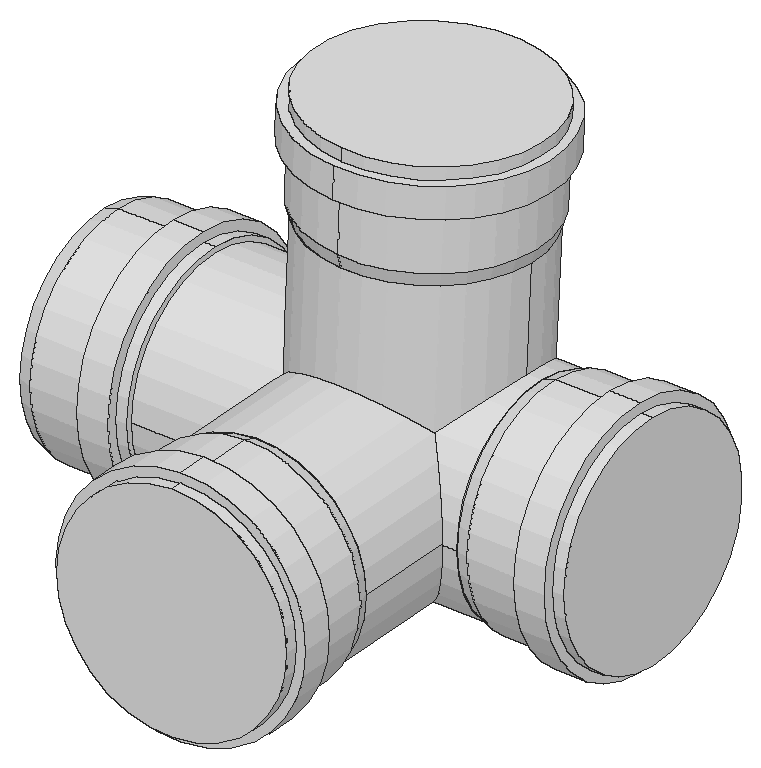
Revit family "Redi_Фитинг_ПВХ_Крестовина_Двухплоскостная", category Соединительные детали трубопроводов, Revit 2019
Family settings
  Размер круглого соединителя = Использовать диаметр
  Тип детали = Крестовина
  На основе рабочей плоскости = Нет
  Всегда вертикально = Да
  При загрузке вырезать с полостями = Нет
  Общий = Нет
Parameters (values of type "Redi")
  Угол [instance] = 87.30°
  Типовой = no
  Поиск в таблице имен = "Redi_Фитинг_ПВХ_Крестовина_Двухплоскостная"
  Description = ""
  Материал = 05 Пластик ПВХ Белый
  Длина 1 [instance] = 60 mm
  Длина 2 [instance] = 62 mm
  z3 [instance] = size_lookup(Поиск в таблице имен, "z3", 100 mm, ADSK_Диаметр условный, Диаметр условный 1, Диаметр условный 2, ADSK_Угол)  # 95 mm
  z21 [instance] = size_lookup(Поиск в таблице имен, "z21", 100.0 mm, ADSK_Диаметр условный, Диаметр условный 1, Диаметр условный 2, ADSK_Угол)  # 160.0 mm
  z20 [instance] = size_lookup(Поиск в таблице имен, "z20", 100.0 mm, ADSK_Диаметр условный, Диаметр условный 1, Диаметр условный 2, ADSK_Угол)  # 160.0 mm
  z1 [instance] = size_lookup(Поиск в таблице имен, "z1", 100 mm, ADSK_Диаметр условный, Диаметр условный 1, Диаметр условный 2, ADSK_Угол)  # 150 mm
  a2 [instance] = z21 * cos(Угол) + z1  # 157.537 mm
  a1 [instance] = z20 * cos(Угол) + z1  # 157.537 mm
  L2 [instance] = z21 * sin(Угол)  # 159.822 mm
  L1 [instance] = z20 * sin(Угол)  # 159.822 mm
  Диаметр условный 1 [instance] = 160 mm
  Диаметр условный 2 [instance] = 160 mm
  ADSK_Угол [instance] = if(Угол < 55.00°, 45.00°, if(Угол < 75.00°, 67.30°, 87.30°))  # 87.30°
  ADSK_Наименование краткое = "Кр."  # constant formula
  ADSK_Наименование [instance] = size_lookup(Поиск в таблице имен, "ADSK_Наименование", "Решение не найдено", ADSK_Диаметр условный, Диаметр условный 1, Диаметр условный 2, ADSK_Угол)  # "Крестовина двухплоскостная DN160x160x160 87.3°"
  ADSK_Масса_Текст [instance] = ""
  ADSK_Марка [instance] = ""
  ADSK_Код изделия [instance] = size_lookup(Поиск в таблице имен, "ADSK_Код изделия", "Решение не найдено", ADSK_Диаметр условный, Диаметр условный 1, Диаметр условный 2, ADSK_Угол)  # "13816"
  ADSK_Завод-изготовитель [instance] = "Redi"  # constant formula
  ADSK_Единица измерения = "шт"  # constant formula
  ADSK_Диаметр условный [instance] = 160 mm
Reference planes
  plane 1 "По центру (Вперед/Назад)": y = 0
  plane 2: z = 0
  plane 3 "По центру (Влево/Вправо)": x = 0
  plane 4: x = -150
  plane 5: x = 95
  plane 6: y = -159.822
  plane 7: x = 7.537
  plane 8: x = 7.537
  plane 9: z = 159.822
Forms (mm)
  Sweep 1, solid, material "05 Пластик ПВХ Белый" <- "Материал", detail levels fine
    path origin (-57, 0, 0) x (-1, 0, 0) y (0, -1, 0)
      loop
        line (93, 0) -> (-152, 0)
    profile origin (-27.5, 0, 0) x (0, 1, 0) y (0, 0, 1)
      loop
        circle (0, 0) r 80
  Sweep 2, solid, material "05 Пластик ПВХ Белый" <- "Материал", detail levels fine
    path in 3D
      loop
        line (0, 0, 0) -> (7.537, -159.822, 0)
    profile origin (3.769, -79.911, 0) x (0.99889, 0.047106, 0) y (0, 0, 1)
      loop
        circle (0, 0) r 80
  Sweep 3, solid, material "05 Пластик ПВХ Белый" <- "Материал", detail levels fine
    path in 3D
      loop
        line (0, 0, 0) -> (7.537, 0, 159.822)
    profile origin (3.769, 0, 79.911) x (-0.99889, 0, 0.047106) y (0, -1, 0)
      loop
        circle (0, 0) r 80
  Sweep 4, solid, not visible, detail levels fine
    path origin (-57, 0, 0) x (-1, 0, 0) y (0, -1, 0)
      loop
        line (-57, 0) -> (-57, 5)
    profile origin (0, -2.5, 0) x (1, 0, 0) y (0, 0, 1)
      loop
        circle (0, 0) r 2
Lines and regions (mm)
  model lines, detail levels coarse+medium
    curve 1: line (-150, 0, 0) -> (17.091, 0, 0)
    curve 2: line (-150, 80, 0) -> (-150, -80, 0)
    curve 3: line (17.091, 80, 0) -> (17.091, -80, 0)
    curve 4: line (0, 0, 0) -> (7.537, -159.822, 0)
    curve 5: line (0, 0, 0) -> (7.537, 0, 159.822)
    curve 6: line (-72.374, 0, 163.591) -> (87.448, 0, 156.054)
    curve 9: line (87.448, -156.054, 0) -> (-72.374, -163.591, 0)
  sketch lines
    curve 7: line (0, 0, 0) -> (7.537, -159.822, 0)
    curve 8: line (0, 0, 0) -> (7.537, 0, 159.822)
Dimensions and locks
  "z1": plane 4 to plane 3 "По центру (Влево/Вправо)"
  "z3": plane 3 "По центру (Влево/Вправо)" to plane 5
  equal spacing: curve 2, plane 1 "По центру (Вперед/Назад)", curve 2
  "ADSK_Диаметр условный": curve 2 to curve 2
  equal spacing: curve 3, plane 1 "По центру (Вперед/Назад)", curve 3
  "ADSK_Диаметр условный": curve 3 to curve 3
  "a1": plane 4 to plane 7
  "L1": plane 6 to plane 1 "По центру (Вперед/Назад)"
  "L2": plane 9 to level
  "a2": plane 8 to plane 4
  equal spacing: curve 6, curve 5, curve 6
  "Диаметр условный 2": curve 6 to curve 6
  equal spacing: curve 9, curve 4, curve 9
  "Диаметр условный 1": curve 9 to curve 9
  "ADSK_Диаметр условный": diameter of Sweep 1 sketch curve
  "Диаметр условный 1": diameter of Sweep 2 sketch curve
  "Диаметр условный 2": diameter of Sweep 3 sketch curve
  "Угол": angle level to nested 1
  "Угол": angle nested 4 to plane 1 "По центру (Вперед/Назад)"
  locked: curve 4 to curve 9 (angle 90.00°)
  locked: curve 6 to curve 5 (angle 90.00°)
  aligned and locked: level to plane 2
  aligned and locked: plane 4 to Sweep 1 sketch curve
  aligned and locked: plane 5 to Sweep 1 sketch curve
  aligned and locked: plane 1 "По центру (Вперед/Назад)" to Sweep 1 sketch curve
  aligned and locked: plane 3 "По центру (Влево/Вправо)" to curve 4
  aligned and locked: plane 1 "По центру (Вперед/Назад)" to curve 4
  aligned and locked: plane 7 to curve 4
  aligned and locked: plane 2 to curve 5
  aligned and locked: plane 8 to curve 5
  aligned and locked: plane 3 "По центру (Влево/Вправо)" to curve 5
  aligned and locked: plane 9 to curve 5
  aligned and locked: Sweep 4 sketch curve to plane 3 "По центру (Влево/Вправо)"
  aligned and locked: plane 1 "По центру (Вперед/Назад)" to Sweep 4 sketch curve
  aligned and locked: nested 1 to Sweep 3
  aligned and locked: curve 5 to nested 1
  aligned and locked: plane 1 "По центру (Вперед/Назад)" to nested 1
  aligned and locked: plane 4 to nested 3
  aligned and locked: plane 1 "По центру (Вперед/Назад)" to nested 3
  aligned and locked: plane 1 "По центру (Вперед/Назад)" to nested 2
  aligned and locked: plane 5 to nested 2
  aligned and locked: plane 6 to curve 4
  aligned and locked: nested 4 to Sweep 2
  aligned and locked: curve 4 to nested 4
Automatic sketch dimensions
  Sweep 4 sketch curve to Sweep 4 sketch curve = 5.0 mm
  profile plane to Sweep 4 sketch curve = 0.0 mm
  Sweep 4 sketch curve to profile plane = 0.0 mm
  curve 2 to plane 4 = 0.0 mm
  plane 7 to curve 1 = 9.554 mm
  Sweep 1 sketch curve to profile plane = 0.0 mm  (x2)
  Sweep 2 sketch curve to profile plane = 0.0 mm  (x2)
  Sweep 3 sketch curve to profile plane = 0.0 mm
  profile plane to Sweep 3 sketch curve = 0.0 mm
  radius of Sweep 4 sketch curve = 2.0 mm
Nested families
  nested 1: "Фитинг_ПП_Раструб_Основа(Влож)" at (7.537, 0, 159.822) x (0.0471, 0, 0.9989) z (0, -1, 0), ADSK_Диаметр условный <- "Диаметр условный 2", type "CISP_Фитинг_ПП_Раструб", detail levels fine
    with Толщина Стенки 2 2.2 mm, Толщина Стенки 1 3.5 mm, Длина 83.25 mm, Диаметр Наружный Трубного Кольца 181.0 mm, Диаметр Наружный 167.0 mm, Видимость yes, C 32.0 mm, B 9.0 mm, ADSK_Диаметр условный 160 mm, A 41.0 mm
  nested 2: "Фитинг_ПП_Раструб(Влож)" at (95, 0, 0), ADSK_Диаметр условный <- "ADSK_Диаметр условный", type "CISP_Фитинг_ПП_Раструб", detail levels fine
    with Толщина Стенки 2 2.2 mm, Толщина Стенки 1 3.5 mm, Длина 83.25 mm, Диаметр Наружный Трубного Кольца 181.0 mm, Диаметр Наружный 167.0 mm, Видимость yes, C 32.0 mm, B 9.0 mm, ADSK_Диаметр условный 160 mm, A 41.0 mm
  nested 3: "Фитинг_ПП_Раструб(Влож)" at (-233.25, 0, 0), ADSK_Диаметр условный <- "ADSK_Диаметр условный", type "CISP_Фитинг_ПП_Раструб", detail levels fine
    with Толщина Стенки 2 2.2 mm, Толщина Стенки 1 3.5 mm, Длина 83.25 mm, Диаметр Наружный Трубного Кольца 181.0 mm, Диаметр Наружный 167.0 mm, Видимость yes, C 32.0 mm, B 9.0 mm, ADSK_Диаметр условный 160 mm, A 41.0 mm
  nested 4: "Фитинг_ПП_Раструб(Влож)" at (7.537, -159.822, 0) x (0.0471, -0.9989, 0) z (0, 0, 1), ADSK_Диаметр условный <- "Диаметр условный 1", type "CISP_Фитинг_ПП_Раструб", detail levels fine
    with Толщина Стенки 2 2.2 mm, Толщина Стенки 1 3.5 mm, Длина 83.25 mm, Диаметр Наружный Трубного Кольца 181.0 mm, Диаметр Наружный 167.0 mm, Видимость yes, C 32.0 mm, B 9.0 mm, ADSK_Диаметр условный 160 mm, A 41.0 mm
Connectors
  piping at (-150, 0, 0), diameter 160, driven by "ADSK_Диаметр условный"
    settings: on Sweep 1, index 1, connector inside diameter 609.6 mm, connector length 0.0 mm, flow factor 0, pipe flow 0.0 L/s, pressure drop 0.0 Pa, fitting loss kfactor 0, connector angle 0.00°, fixture units 0, engagement length 0.0 mm, angle of deflection 0.00°, flow configuration 0, flow direction 0, fitting loss method 0, system type 28, joint type 0, gender type 0, connector reference index 2, connector utility 0, adjustable connector no, is connector primary yes, connector description ""
  piping at (95, 0, 0), diameter 160, driven by "ADSK_Диаметр условный"
    settings: on Sweep 1, index 2, connector inside diameter 609.6 mm, connector length 0.0 mm, flow factor 0, pipe flow 0.0 L/s, pressure drop 0.0 Pa, fitting loss kfactor 0, connector angle 0.00°, fixture units 0, engagement length 0.0 mm, angle of deflection 0.00°, flow configuration 0, flow direction 0, fitting loss method 0, system type 28, joint type 0, gender type 0, connector reference index 1, connector utility 0, adjustable connector no, is connector primary no, connector description ""
  piping at (7.537, -159.822, 0), diameter 160, driven by "Угол", driven by "Диаметр условный 1"
    settings: on Sweep 2, index 3, connector inside diameter 609.6 mm, connector length 0.0 mm, flow factor 0, pipe flow 0.0 L/s, pressure drop 0.0 Pa, fitting loss kfactor 0, connector angle 87.30°, fixture units 0, engagement length 0.0 mm, angle of deflection 0.00°, flow configuration 0, flow direction 0, fitting loss method 0, system type 28, joint type 0, gender type 0, connector reference index 4, connector utility 0, adjustable connector no, is connector primary no, connector description ""
  piping at (7.537, 0, 159.822), diameter 160, driven by "Угол", driven by "Диаметр условный 2"
    settings: on Sweep 3, index 4, connector inside diameter 609.6 mm, connector length 0.0 mm, flow factor 0, pipe flow 0.0 L/s, pressure drop 0.0 Pa, fitting loss kfactor 0, connector angle 87.30°, fixture units 0, engagement length 0.0 mm, angle of deflection 0.00°, flow configuration 0, flow direction 0, fitting loss method 0, system type 28, joint type 0, gender type 0, connector reference index 3, connector utility 0, adjustable connector no, is connector primary no, connector description ""
Definition of nested family "Фитинг_ПП_Раструб_Основа(Влож)"
  Parameters (values of type "CISP_Фитинг_ПП_Раструб_Основа")
    Толщина Стенки 2 [instance] = size_lookup(Поиск в таблице имен, "e3", 1.0 mm, ADSK_Диаметр условный)  # 1.5 mm
    Толщина Стенки 1 [instance] = size_lookup(Поиск в таблице имен, "e2", 1.0 mm, ADSK_Диаметр условный)  # 2.4 mm
    Поиск в таблице имен = "CISP_Фитинг_ПП_Раструб"
    Default Elevation = 1219.2 mm
    Материал = none
    Длина [instance] = A + C + A / 4  # 67.0 mm
    Диаметр Наружный Трубного Кольца [instance] = ADSK_Диаметр условный + 2 * Толщина Стенки 1 + 4 * Толщина Стенки 1  # 124.4 mm
    Диаметр Наружный [instance] = ADSK_Диаметр условный + 2 * Толщина Стенки 1  # 114.8 mm
    Видимость [instance] = yes
    C [instance] = size_lookup(Поиск в таблице имен, "C", 1.0 mm, ADSK_Диаметр условный)  # 22.0 mm
    B [instance] = size_lookup(Поиск в таблице имен, "B", 1.0 mm, ADSK_Диаметр условный)  # 6.0 mm
    ADSK_Диаметр условный [instance] = 110 mm
    A [instance] = size_lookup(Поиск в таблице имен, "A", 1.0 mm, ADSK_Диаметр условный)  # 36.0 mm
  Reference planes
    plane 1 "По центру (Вперед/Назад)": y = 0
    plane 2: z = 0
    plane 3 "По центру (Влево/Вправо)": x = 0
    plane 4: x = 67
    plane 5: z = 57.4
    plane 6: z = -57.4
    plane 7: x = 45
    plane 8: x = 61
    plane 9: x = 9
    plane 10: z = 62.2
    plane 11: z = -62.2
    plane 12: z = 55
    plane 13: z = -55
  Forms (mm)
    Sweep 1, solid, material <- "Материал", visible <- "Видимость"
      path origin (0, 0, 0) x (1, 0, 0) y (0, 0, 1)
        loop
          line (9, 0) -> (67, 0)
      profile origin (38, 0, 0) x (0, 0, 1) y (0, -1, 0)
        loop
          circle (0, 0) r 57.4
    SweptBlend 2, solid, material <- "Материал", visible <- "Видимость"
      path origin (0, 0, 0) x (1, 0, 0) y (0, 0, 1)
        loop
          line (0, 0) -> (9, 0)
      profile origin (0, 0, 0) x (0, 0, 1) y (0, -1, 0)
        loop
          circle (0, 0) r 55
      end profile origin (9, 0, 0) x (0, 0, 1) y (0, -1, 0)
        loop
          circle (0, 0) r 57.4
    Sweep 3, solid, material <- "Материал", visible <- "Видимость"
      path origin (0, 0, 0) x (1, 0, 0) y (0, 0, 1)
        loop
          line (45, 0) -> (61, 0)
      profile origin (53, 0, 0) x (0, 0, 1) y (0, -1, 0)
        loop
          circle (0, 0) r 62.2
  Cuts and joins
    joined: Sweep 1, SweptBlend 2, Sweep 3
  Dimensions and locks
    "Длина": plane 4 to plane 3 "По центру (Влево/Вправо)"
    equal spacing: plane 5, level, plane 6
    "Диаметр Наружный": plane 5 to plane 6
    "C": plane 4 to plane 7
    "A": plane 7 to plane 9
    "B": plane 4 to plane 8
    equal spacing: plane 12, level, plane 13
    "ADSK_Диаметр условный": plane 12 to plane 13
    equal spacing: plane 10, level, plane 11
    "Диаметр Наружный Трубного Кольца": plane 10 to plane 11
    "Диаметр Наружный": diameter of Sweep 1 sketch curve
    "ADSK_Диаметр условный": diameter of SweptBlend 2 sketch curve
    "Диаметр Наружный": diameter of SweptBlend 2 sketch curve
    "Диаметр Наружный Трубного Кольца": diameter of Sweep 3 sketch curve
    aligned and locked: level to plane 2
    aligned and locked: plane 9 to Sweep 1 sketch curve
    aligned and locked: Sweep 1 sketch curve to plane 2
    aligned and locked: plane 4 to Sweep 1 sketch curve
    aligned and locked: plane 3 "По центру (Влево/Вправо)" to SweptBlend 2 sketch curve
    aligned and locked: plane 9 to SweptBlend 2 sketch curve
    aligned and locked: SweptBlend 2 sketch curve to level
    aligned and locked: plane 7 to Sweep 3 sketch curve
    aligned and locked: plane 8 to Sweep 3 sketch curve
    aligned and locked: Sweep 3 sketch curve to plane 2
  Automatic sketch dimensions
    Sweep 1 sketch curve to plane 1 "По центру (Вперед/Назад)" = 0.0 mm
    profile plane to Sweep 1 sketch curve = 0.0 mm
    SweptBlend 2 sketch curve to plane 1 "По центру (Вперед/Назад)" = 0.0 mm  (x2)
    profile plane to SweptBlend 2 sketch curve = 0.0 mm  (x2)
    Sweep 3 sketch curve to plane 1 "По центру (Вперед/Назад)" = 0.0 mm
    profile plane to Sweep 3 sketch curve = 0.0 mm
Definition of nested family "Фитинг_ПП_Раструб(Влож)"
  Parameters (values of type "CISP_Фитинг_ПП_Раструб")
    Толщина Стенки 2 [instance] = size_lookup(Поиск в таблице имен, "e3", 1.0 mm, ADSK_Диаметр условный)  # 1.5 mm
    Толщина Стенки 1 [instance] = size_lookup(Поиск в таблице имен, "e2", 1.0 mm, ADSK_Диаметр условный)  # 2.4 mm
    Поиск в таблице имен = "CISP_Фитинг_ПП_Раструб"
    Материал = none
    Длина [instance] = A + C + A / 4  # 67.0 mm
    Диаметр Наружный Трубного Кольца [instance] = ADSK_Диаметр условный + 2 * Толщина Стенки 1 + 4 * Толщина Стенки 1  # 124.4 mm
    Диаметр Наружный [instance] = ADSK_Диаметр условный + 2 * Толщина Стенки 1  # 114.8 mm
    Видимость [instance] = yes
    C [instance] = size_lookup(Поиск в таблице имен, "C", 1.0 mm, ADSK_Диаметр условный)  # 22.0 mm
    B [instance] = size_lookup(Поиск в таблице имен, "B", 1.0 mm, ADSK_Диаметр условный)  # 6.0 mm
    ADSK_Диаметр условный [instance] = 110 mm
    A [instance] = size_lookup(Поиск в таблице имен, "A", 1.0 mm, ADSK_Диаметр условный)  # 36.0 mm
  Reference planes
    plane 1 "По центру (Вперед/Назад)": y = 0
    plane 2 "12": z = 0
    plane 3 "По центру (Влево/Вправо)": x = 0
    plane 4: x = 67
    plane 5: z = 57.4
    plane 6: z = -57.4
    plane 7: x = 45
    plane 8: x = 61
    plane 9: x = 9
    plane 10: z = 62.2
    plane 11: z = -62.2
    plane 12: z = 55
    plane 13: z = -55
  Forms (mm)
    Sweep 1, solid, material <- "Материал", visible <- "Видимость"
      path origin (0, 0, 0) x (1, 0, 0) y (0, 0, 1)
        loop
          line (9, 0) -> (67, 0)
      profile origin (38, 0, 0) x (0, 0, 1) y (0, -1, 0)
        loop
          circle (0, 0) r 57.4
    SweptBlend 2, solid, material <- "Материал", visible <- "Видимость"
      path origin (0, 0, 0) x (1, 0, 0) y (0, 0, 1)
        loop
          line (0, 0) -> (9, 0)
      profile origin (0, 0, 0) x (0, 0, 1) y (0, -1, 0)
        loop
          circle (0, 0) r 55
      end profile origin (9, 0, 0) x (0, 0, 1) y (0, -1, 0)
        loop
          circle (0, 0) r 57.4
    Sweep 3, solid, material <- "Материал", visible <- "Видимость"
      path origin (0, 0, 0) x (1, 0, 0) y (0, 0, 1)
        loop
          line (45, 0) -> (61, 0)
      profile origin (53, 0, 0) x (0, 0, 1) y (0, -1, 0)
        loop
          circle (0, 0) r 62.2
  Cuts and joins
    joined: Sweep 1, SweptBlend 2, Sweep 3
  Dimensions and locks
    "Длина": plane 4 to plane 3 "По центру (Влево/Вправо)"
    equal spacing: plane 5, level, plane 6
    "Диаметр Наружный": plane 5 to plane 6
    "C": plane 4 to plane 7
    "A": plane 7 to plane 9
    "B": plane 4 to plane 8
    equal spacing: plane 12, level, plane 13
    "ADSK_Диаметр условный": plane 12 to plane 13
    equal spacing: plane 10, level, plane 11
    "Диаметр Наружный Трубного Кольца": plane 10 to plane 11
    "Диаметр Наружный": diameter of Sweep 1 sketch curve
    "ADSK_Диаметр условный": diameter of SweptBlend 2 sketch curve
    "Диаметр Наружный": diameter of SweptBlend 2 sketch curve
    "Диаметр Наружный Трубного Кольца": diameter of Sweep 3 sketch curve
    aligned and locked: level to plane 2 "12"
    aligned and locked: plane 9 to Sweep 1 sketch curve
    aligned and locked: Sweep 1 sketch curve to plane 2 "12"
    aligned and locked: plane 4 to Sweep 1 sketch curve
    aligned and locked: plane 3 "По центру (Влево/Вправо)" to SweptBlend 2 sketch curve
    aligned and locked: plane 9 to SweptBlend 2 sketch curve
    aligned and locked: SweptBlend 2 sketch curve to level
    aligned and locked: plane 7 to Sweep 3 sketch curve
    aligned and locked: plane 8 to Sweep 3 sketch curve
    aligned and locked: Sweep 3 sketch curve to plane 2 "12"
  Automatic sketch dimensions
    Sweep 1 sketch curve to plane 1 "По центру (Вперед/Назад)" = 0.0 mm
    profile plane to Sweep 1 sketch curve = 0.0 mm
    SweptBlend 2 sketch curve to plane 1 "По центру (Вперед/Назад)" = 0.0 mm  (x2)
    profile plane to SweptBlend 2 sketch curve = 0.0 mm  (x2)
    Sweep 3 sketch curve to plane 1 "По центру (Вперед/Назад)" = 0.0 mm
    profile plane to Sweep 3 sketch curve = 0.0 mm
